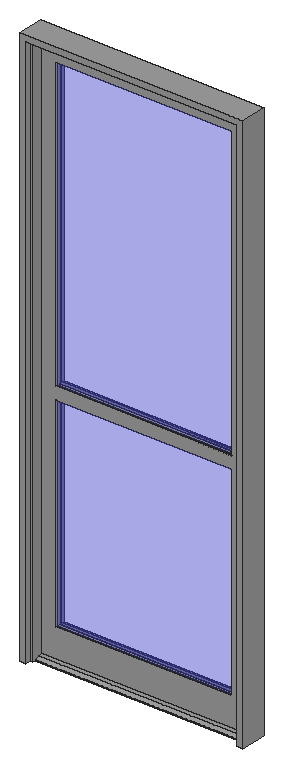
Revit family "NS-212 DOOR-1-PD-CW_v05", category Curtain Panels, Revit 2015
Parameters
  Width [instance] = 3' - 2"
  URL = "obe.com"
  Rough Width [instance] = 3' - 0"
  Panel Width [instance] = [Min-Max Panel Width]  # 3' - 0"
  Panel Offset [instance] = 0' - 0"
  Offset [instance] = 0' - 1"
  Model = "NS-212 DOOR"
  Min-Max Rough Width [instance] = if(and((Rough Width > 3' 1 255/256"), (Rough Width < 3' 8 1/256")), Rough Width, 3' 2")  # 3' - 2"
  Min-Max Panel Width [instance] = if(and((Rough Width > 3' 1 255/256"), (Rough Width < 3' 8 1/256")), Rough Width - 0' 2", 3' 0")  # 3' - 0"
  Manufacturer = "Oldcastle BuildingEnvelope®"
  Keynote = "08 11 00"
  Height [instance] = 8' - 0"
  Pushbar Height [instance] = 3' - 5 1/4"  # constant formula
  Glass Material = Glass
  Frame Material = Aluminum
  Door Panel Height [instance] = Height - 0' 0 15/32"  # 7' - 11 17/32"
  Description = "NS-212 - 1\" Door Infill"
  Assembly Code = "B2030"
  Analytic Construction = "<None>"
  8 Muntin [instance] = no
  6.5 Muntin [instance] = no
  6.5 Bottom Rail [instance] = not([4 Bottom Rail])  # no
  4 Muntin [instance] = no
  4 Bottom Rail [instance] = yes
  1.875 Muntin [instance] = no
  0.5 Muntin [instance] = if(or([1.875 Muntin], [4 Muntin], [6.5 Muntin], [8 Muntin]), 1 = 2, 1 = 1)  # yes
Reference planes (in)
  plane 1 "Front": y = 0
  plane 2: z = 0
  plane 3 "Center (Left/Right)": x = 0
  plane 4 "Left": x = -19
  plane 5 "Right": x = 19
  plane 6 "Top": z = 96
  plane 7 "Offset": y = -1
  plane 8: y = -2.28244
  plane 9: y = -2.28244
  plane 10: x = -19
  plane 11: x = 19
Forms (in)
  Sweep 1, solid, material "Aluminum" <- "Frame Material"
    path origin (0, -1, 0) x (-1, 0, 0) y (0, 0, 1)
      loop
        line (19, 0) -> (19, 96)
    profile origin (-19, -1, 48) x (1, 0, 0) y (0, 1, 0)
      loop
        line (1, -1.97) -> (1, 0) -> (0, 0) -> (0, -4.5) -> (1, -4.5) -> (1, -3.595) -> (1.5, -3.595) -> (1.5, -1.97) -> (1, -1.97)
  Sweep 2, solid, material "Aluminum" <- "Frame Material"
    path origin (0, -1, 0) x (-1, 0, 0) y (0, 0, 1)
      loop
        line (-19, 0) -> (-19, 96)
    profile origin (19, -1, 48) x (1, 0, 0) y (0, 1, 0)
      loop
        line (-1, -1.97) -> (-1.5, -1.97) -> (-1.5, -3.595) -> (-1, -3.595) -> (-1, -4.5) -> (0, -4.5) -> (0, 0) -> (-1, 0) -> (-1, -1.97)
  Extrusion 3, solid, material "Aluminum" <- "Frame Material"
    sketch origin (-19, 0, 0) x (0, -1, 0) y (0, 0, 1)
      loop
        line (2.97, 94.5) -> (4.595, 94.5) -> (4.595, 95) -> (5.5, 95) -> (5.5, 96) -> (1, 96) -> (1, 95) -> (2.97, 95) -> (2.97, 94.5)
    from -38 to 0
Cuts and joins
  joined: Sweep 1, Sweep 2, Extrusion 3
Text (in)
  text "Exterior" at (-54.29358, 31.38743, 0), in view "Ref. Level"
  text "Exterior" at (480, 41.53993, 89.60405), in view "Right"
  text "Exterior" at (-240, 57.82419, 105.78864), in view "Left"
Dimensions and locks (in)
  equal spacing: plane 4 "Left", plane 3 "Center (Left/Right)", plane 5 "Right"
  "Width": plane 4 "Left" to plane 5 "Right"
  "Height": plane 6 "Top" to plane 2
  "Offset": plane 1 "Front" to plane 7 "Offset"
  locked: plane 7 "Offset" to plane 8 at 1.28244
  locked: plane 7 "Offset" to plane 9 at 1.28244
  locked: plane 7 "Offset" to nested 4 at 1.28244
  Extrusion 3 sketch curve to Extrusion 3 sketch curve to Extrusion 3 sketch curve = 0' - 0 1/2" locked, 0' - 0" locked
  nested 1 to Extrusion 3 sketch curve to Extrusion 3 sketch curve to Extrusion 3 sketch curve to Extrusion 3 sketch curve = 0' - 2 31/32" locked, 0' - 1.97" locked, 0' - 1 5/8" locked, 0' - 0.905" locked
  equal spacing: plane 10, plane 3 "Center (Left/Right)", plane 11
  "Min-Max Rough Width": plane 10 to plane 11
  aligned and locked: level to plane 2
  aligned and locked: plane 3 "Center (Left/Right)" to nested 1
  aligned and locked: nested 2 to plane 8
  aligned and locked: nested 3 to plane 9
  aligned and locked: plane 6 "Top" to Sweep 1 sketch curve
  aligned and locked: level to Sweep 1 sketch curve
  aligned and locked: plane 6 "Top" to Sweep 2 sketch curve
  aligned and locked: level to Sweep 2 sketch curve
  aligned and locked: plane 6 "Top" to nested 4
  aligned and locked: Extrusion 3 to plane 6 "Top"
  aligned and locked: Extrusion 3 sketch curve to plane 6 "Top"
  aligned and locked: nested 3 to plane 10
  aligned and locked: plane 11 to nested 2
  aligned and locked: Sweep 1 sketch curve to plane 10
  aligned and locked: plane 11 to Sweep 2 sketch curve
  aligned and locked: cut or joined group of Sweep 1, Sweep 2, Extrusion 3 to plane 11
  aligned and locked: cut or joined group of Sweep 1, Sweep 2, Extrusion 3 to plane 10
  aligned and locked: nested 1 to plane 7 "Offset"
Automatic sketch dimensions
  Sweep 1 sketch curve to profile plane = 0' - 0"
  Sweep 1 sketch curve to plane 7 "Offset" = 0' - 0"
  Sweep 1 sketch curve to profile plane = 0' - 1"  (x2)
  Sweep 1 sketch curve to Sweep 1 sketch curve = 0' - 0 1/2"
  Sweep 1 sketch curve to plane 7 "Offset" = 0' - 1.97"
  Sweep 1 sketch curve to Sweep 1 sketch curve = 0' - 1 5/8"
  Sweep 1 sketch curve to Sweep 1 sketch curve = 0' - 0.905"
  Sweep 2 sketch curve to plane 7 "Offset" = 0' - 0"
  Sweep 2 sketch curve to profile plane = 0' - 0"
  profile plane to Sweep 2 sketch curve = 0' - 1"  (x2)
  Sweep 2 sketch curve to Sweep 2 sketch curve = 0' - 0 1/2"
  Sweep 2 sketch curve to plane 7 "Offset" = 0' - 1.97"
  Sweep 2 sketch curve to Sweep 2 sketch curve = 0' - 1 5/8"
  Sweep 2 sketch curve to Sweep 2 sketch curve = 0' - 0.905"
  plane 6 "Top" to Extrusion 3 sketch curve = 0' - 1"
Nested families (in)
  nested 1: "NS-212 DOOR-1-PD-Panel_v04" at (0, -12.03125, 0), Frame Material <- "Frame Material", Glass Material <- "Glass Material", 0.5 Muntin <- "0.5 Muntin", 1.875 Muntin <- "1.875 Muntin", 4 Muntin <- "4 Muntin", 6.5 Muntin <- "6.5 Muntin", 8 Muntin <- "8 Muntin", 4 Bottom Rail <- "4 Bottom Rail", Height <- "Door Panel Height", Width <- "Min-Max Panel Width", type "NS-212 DOOR-1-PD-Panel_v04"
    with built-in parameter 1001301 3' - 0", Pushbar Height 3' - 5 1/4", Offset 0' - 2 31/32", built-in parameter 1001300 7' - 11 17/32", Glass at Muntin 0' - 1 7/16", Glass Material Glass, Frame Material Aluminum, Bottom Rail 0' - 5 5/32", 8 Muntin no, 6.5 Muntin no, 6.5 Bottom Rail no, 4 Muntin no, 4 Bottom Rail yes, 1.875 Muntin no, 0.5 Muntin yes
  nested 2: "2.5x6-RTCIG CW-H8533-DHD-OHD SC-DI" at (19, -2.28244, 0) x (0, -1, 0) z (0, 0, 1), type "2.5x6-RTCIG CW-H8533-DHD-OHD SC-DI"
  nested 3: "2.5x6-RTCIG CW-H8533-DHD-OHD SC-DI" at (-19, -2.28244, 0) x (0, -1, 0) z (0, 0, 1), type "2.5x6-RTCIG CW-H8533-DHD-OHD SC-DI"
  nested 4: "2.5x6-RTCIG CW-H8533-DHD-OHD SC-DI" at (-33, -2.28244, 96) x (0, -1, 0) z (-1, 0, 0), type "2.5x6-RTCIG CW-H8533-DHD-OHD SC-DI"
Definition of nested family "NS-212 DOOR-1-PD-Panel_v04"
  Parameters (values of type "NS-212 DOOR-1-PD-Panel_v04")
    Width [instance] = 3' - 6"
    Offset [instance] = 0' - 6"
    Height [instance] = 8' - 0"
    Glass at Muntin [instance] = if([8 Muntin], 0' 8 15/16", if([6.5 Muntin], 0' 7 7/16", if([4 Muntin], 0' 4 15/16", if([1.875 Muntin], 0' 2 13/16", 0' 1 7/16"))))  # 0' - 1 7/16"
    Pushbar Height [instance] = 3' - 5 1/4"  # constant formula
    Glass Material [instance] = none
    Frame Material [instance] = none
    Bottom Rail [instance] = if([4 Bottom Rail], 0' 5 5/32", 0' 7 21/32")  # 0' - 7 21/32"
    Analytic Construction = "<None>"
    8 Muntin [instance] = no
    6.5 Muntin [instance] = no
    4 Muntin [instance] = no
    4 Bottom Rail [instance] = no
    6.5 Bottom Rail [instance] = not([4 Bottom Rail])  # yes
    1.875 Muntin [instance] = no
    0.5 Muntin [instance] = if(or([1.875 Muntin], [4 Muntin], [6.5 Muntin], [8 Muntin]), 1 = 2, 1 = 1)  # yes
  Reference planes (in)
    plane 1 "00": y = 7
    plane 2: z = 0
    plane 3 "Center (Left/Right)": x = 0
    plane 4: z = 96
    plane 5: x = 21
    plane 6: x = -21
    plane 7 "Center (Front/Back)": y = 14
    plane 8: z = 48
    plane 9: z = 92.96875
    plane 10: z = 92.625
    plane 11: z = 7.65625
    plane 12: z = 40.53125
    plane 13: z = 41.96875
    plane 14: x = -18.34375
    plane 15: x = 18.34375
    plane 16: z = 41.25
    plane 17 "Offset": y = 8
    plane 18 "01": y = 7.875
  Forms (in)
    Sweep 1, solid, material <- "Frame Material"
      path origin (0, 7, 0) x (1, 0, 0) y (0, 0, 1)
        loop
          line (-20.8285, 96) -> (20.8285, 96)
      profile origin (0, 7, 96) x (0, 0, 1) y (0, -1, 0)
        loop
          line (-0.53125, -0.875) -> (-0.53125, 0.875) -> (-2.12093, 0.875) -> (-3.65625, 0.875) -> (-3.65625, 0.5) -> (-3.375, 0.5) -> (-3.375, -0.5) -> (-3.65625, -0.5) -> (-3.65625, -0.875) -> (-2.12093, -0.875) -> (-0.53125, -0.875)
    Sweep 2, solid, material <- "Frame Material"
      path origin (0, 7, 0) x (1, 0, 0) y (0, 0, 1)
        loop
          line (20.82813, 0) -> (-20.82812, 0)
      profile origin (0, 7, 0) x (0, 0, -1) y (0, -1, 0)
        loop
          line (-7.9375, -0.5) -> (-7.9375, -0.875) -> (-0.6875, -0.875) -> (-0.6875, 0.875) -> (-7.9375, 0.875) -> (-7.9375, 0.5) -> (-7.65625, 0.5) -> (-7.65625, -0.5) -> (-7.9375, -0.5)
        loop
          line (-0.5, 1.5305) -> (-0.5, -1.1555) -> (-0.19364, -1.8125) -> (-0.00001, -1.8125) -> (-0.00001, 2.1875) -> (-0.19364, 2.1875) -> (-0.5, 1.5305)
    Sweep 3, solid, material <- "Frame Material"
      path origin (0, 7, 0) x (1, 0, 0) y (0, 0, 1)
        loop
          line (21, 95.46875) -> (21, 0.6875)
      profile origin (21, 7, 48.07812) x (0, -1, 0) y (1, 0, 0)
        loop
          line (0.875, -0.1715) -> (-0.875, -0.0625) -> (-0.875, -2.03839) -> (-0.875, -2.9375) -> (-0.5, -2.9375) -> (-0.5, -2.65625) -> (0.5, -2.65625) -> (0.5, -2.9375) -> (0.875, -2.9375) -> (0.875, -2.03839) -> (0.875, -0.1715)
    Sweep 4, solid, material <- "Frame Material"
      path origin (0, 7, 0) x (1, 0, 0) y (0, 0, 1)
        loop
          line (-21, 95.46875) -> (-21, 0.6875)
      profile origin (-21, 7, 48.07812) x (0, -1, 0) y (1, 0, 0)
        loop
          line (-0.875, 0.0625) -> (0.875, 0.1715) -> (0.875, 1.95385) -> (0.875, 2.9375) -> (0.5, 2.9375) -> (0.5, 2.65625) -> (-0.5, 2.65625) -> (-0.5, 2.9375) -> (-0.875, 2.9375) -> (-0.875, 1.95385) -> (-0.875, 0.0625)
    Sweep 5, solid, material <- "Frame Material"
      path origin (0, 7, 0) x (1, 0, 0) y (0, 0, 1)
        loop
          line (20.8285, 48) -> (-20.8285, 48)
      profile origin (0, 7, 48) x (0, 0, -1) y (0, -1, 0)
        loop
          line (7.75, 0.875) -> (5.75, 0.875) -> (5.75, 0.5) -> (6.03125, 0.5) -> (6.03125, -0.5) -> (5.75, -0.5) -> (5.75, -0.875) -> (7.75, -0.875) -> (7.75, -0.5) -> (7.46875, -0.5) -> (7.46875, 0.5) -> (7.75, 0.5) -> (7.75, 0.875)
    Extrusion 6, solid, material <- "Glass Material", detail levels coarse
      sketch origin (0, 0, 0) x (1, 0, 0) y (0, 1, 0)
        loop
          line (-18.34375, 7.5) -> (-18.34375, 6.5) -> (18.34375, 6.5) -> (18.34375, 7.5) -> (-18.34375, 7.5)
      from 41.96875 to 92.625
    Extrusion 7, solid, material <- "Glass Material", detail levels coarse
      sketch origin (0, 0, 0) x (1, 0, 0) y (0, 1, 0)
        loop
          line (-18.34375, 7.5) -> (-18.34375, 6.5) -> (18.34375, 6.5) -> (18.34375, 7.5) -> (-18.34375, 7.5)
      from 7.65625 to 40.53125
    Extrusion 8, solid, material <- "Glass Material", detail levels medium+fine
      sketch origin (0, 2.8125, 0) x (1, 0, 0) y (0, 1, 0)
        loop
          line (-18.34375, 3.6875) -> (18.34375, 3.6875) -> (18.34375, 3.9375) -> (-18.34375, 3.9375) -> (-18.34375, 3.6875)
        loop
          line (-18.34375, 4.6875) -> (-18.34375, 4.4375) -> (18.34375, 4.4375) -> (18.34375, 4.6875) -> (-18.34375, 4.6875)
      from 41.96875 to 92.625
    Extrusion 9, solid, material <- "Glass Material", detail levels medium+fine
      sketch origin (0, 0, 0) x (1, 0, 0) y (0, 1, 0)
        loop
          line (-18.34375, 6.5) -> (18.34375, 6.5) -> (18.34375, 6.75) -> (-18.34375, 6.75) -> (-18.34375, 6.5)
        loop
          line (-18.34375, 7.25) -> (18.34375, 7.25) -> (18.34375, 7.5) -> (-18.34375, 7.5) -> (-18.34375, 7.25)
      from 7.65625 to 40.53125
  Cuts and joins
    joined: Sweep 1, Sweep 2, Sweep 3, Sweep 4, Sweep 5
  Lines and regions (in)
    model lines
      curve 1: line (18.34375, 7.875, 92.625) -> (-18.34375, 7.875, 48)
      curve 2: line (-18.34375, 7.875, 48) -> (18.0625, 7.875, 7.9375)
  Dimensions and locks (in)
    "Width": plane 6 to plane 5
    equal spacing: level, plane 8, plane 4
    locked: Sweep 2 sketch curve to plane 6 at 0.17187
    locked: plane 5 to Sweep 2 sketch curve at 0.17188
    locked: Sweep 3 sketch curve to plane 4 at 0.53125
    locked: Sweep 4 sketch curve to plane 4 at 0.53125
    locked: Sweep 1 sketch curve to plane 6 at 0.1715
    locked: plane 5 to Sweep 1 sketch curve at 0.1715
    locked: plane 5 to Sweep 5 sketch curve at 0.1715
    locked: Sweep 5 sketch curve to plane 6 at 0.1715
    locked: plane 4 to plane 9 at 3.03125
    Extrusion 6 sketch curve to plane 1 "00" to Extrusion 6 sketch curve = 0' - 0 1/2" locked, 0' - 0 1/2" locked
    Extrusion 7 sketch curve to plane 1 "00" to Extrusion 7 sketch curve = 0' - 0 1/2" locked, 0' - 0 1/2" locked
    "Glass at Muntin": plane 12 to plane 13
    locked: plane 10 to plane 4 at 3.375
    "Bottom Rail": plane 11 to plane 2
    "Height": plane 4 to plane 2
    locked: Sweep 1 sketch curve to plane 10 at 0.28125  (x2)
    locked: plane 13 to Sweep 5 sketch curve at 0.28125  (x2)
    locked: Sweep 5 sketch curve to plane 12 at 0.28125  (x2)
    locked: plane 11 to Sweep 2 sketch curve at 0.28125  (x2)
    equal spacing: plane 6, plane 3 "Center (Left/Right)", plane 5
    locked: plane 6 to plane 14 at 2.65625
    locked: plane 15 to plane 5 at 2.65625
    Extrusion 8 sketch curve to Extrusion 8 sketch curve to plane 1 "00" to Extrusion 8 sketch curve to Extrusion 8 sketch curve = 0' - 0 1/4" locked, 0' - 0 1/4" locked, 0' - 0 1/4" locked, 0' - 0 1/4" locked
    equal spacing: plane 12, plane 16, plane 13
    "Pushbar Height": plane 2 to plane 16
    locked: Sweep 4 sketch curve to plane 2 at 0.6875
    locked: Sweep 3 sketch curve to plane 2 at 0.6875
    locked: cut or joined group of Sweep 1, Sweep 2, Sweep 3, Sweep 4, Sweep 5 to plane 1 "00" at 2.1875
    cut or joined group of Sweep 1, Sweep 2, Sweep 3, Sweep 4, Sweep 5 to plane 1 "00" to cut or joined group of Sweep 1, Sweep 2, Sweep 3, Sweep 4, Sweep 5 = 0' - 0 7/8" locked, 0' - 0 7/8" locked
    locked: plane 1 "00" to nested 2 at 0.0625
    plane 7 "Center (Front/Back)" to nested 1 = 0' - 7"
    "Offset": plane 17 "Offset" to plane 7 "Center (Front/Back)"
    locked: plane 1 "00" to plane 17 "Offset" at 1
    Extrusion 7 to plane 1 "00" to Extrusion 7 = 0' - 0 1/2" locked, 0' - 0 1/2" locked
    Extrusion 6 to plane 1 "00" to Extrusion 6 = 0' - 0 1/2" locked, 0' - 0 1/2" locked
    Extrusion 9 to Extrusion 9 = 0' - 0 1/4"
    Extrusion 9 sketch curve to Extrusion 9 sketch curve to plane 1 "00" to Extrusion 9 sketch curve to Extrusion 9 sketch curve = 0' - 0 1/4" locked, 0' - 0 1/4" locked, 0' - 0 1/4" locked, 0' - 0 1/4" locked
    locked: plane 1 "00" to plane 18 "01" at 0.875
    aligned and locked: plane 2 to level
    aligned and locked: Sweep 1 sketch curve to plane 4
    aligned and locked: level to nested 1
    aligned and locked: nested 1 to plane 1 "00"
    aligned and locked: plane 5 to Sweep 3 sketch curve
    aligned and locked: plane 6 to Sweep 4 sketch curve
    aligned and locked: Sweep 5 sketch curve to plane 8
    aligned and locked: Extrusion 6 to plane 10
    aligned and locked: plane 13 to Extrusion 6
    aligned and locked: Extrusion 7 to plane 12
    aligned and locked: plane 11 to Extrusion 7
    aligned and locked: plane 11 to Sweep 2 sketch curve
    aligned and locked: Sweep 5 sketch curve to plane 12
    aligned and locked: plane 13 to Sweep 5 sketch curve
    aligned and locked: plane 8 to curve 1
    aligned and locked: plane 15 to Extrusion 7
    aligned and locked: Extrusion 6 to plane 14
    aligned and locked: plane 15 to Extrusion 6
    aligned and locked: nested 2 to plane 3 "Center (Left/Right)"
    aligned and locked: Extrusion 7 to plane 14
    aligned and locked: Extrusion 8 to plane 14  (x2)
    aligned and locked: plane 15 to Extrusion 8  (x2)
    aligned and locked: plane 13 to Extrusion 8
    aligned and locked: Extrusion 8 to plane 10
    aligned and locked: Sweep 2 sketch curve to plane 2
    aligned and locked: Extrusion 8 to cut or joined group of Sweep 1, Sweep 2, Sweep 3, Sweep 4, Sweep 5
    aligned and locked: Extrusion 6 to curve 1
    aligned and locked: curve 1 to Extrusion 6
    aligned and locked: plane 14 to Extrusion 9 sketch curve  (x2)
    aligned and locked: Extrusion 9 sketch curve to plane 15  (x2)
    aligned and locked: Extrusion 9 to plane 12
    aligned and locked: plane 11 to Extrusion 9
  Automatic sketch dimensions
    Sweep 1 sketch curve to Sweep 1 sketch curve = 0' - 0 9/32"
    Sweep 1 sketch curve to Sweep 1 sketch curve = 0' - 1.25407"  (x2)
    profile plane to Sweep 1 sketch curve = 0' - 0 17/32"
    Sweep 1 sketch curve to plane 1 "00" = 0' - 0 7/8"
    Sweep 1 sketch curve to Sweep 1 sketch curve = 0' - 0 3/8"  (x2)
    plane 1 "00" to Sweep 1 sketch curve = 0' - 0 1/2"
    profile plane to Sweep 2 sketch curve = 0' - 0 11/16"
    profile plane to Sweep 2 sketch curve = 0' - 0 1/2"
    profile plane to Sweep 2 sketch curve = 0' - 0.19364"  (x2)
    profile plane to Sweep 2 sketch curve = 0' - 0"
    Sweep 2 sketch curve to plane 1 "00" = 0' - 1 13/16"
    Sweep 2 sketch curve to Sweep 2 sketch curve = 0' - 0.657"  (x2)
    Sweep 2 sketch curve to Sweep 2 sketch curve = 0' - 0.2805"
    Sweep 2 sketch curve to Sweep 2 sketch curve = 0' - 0 3/8"  (x2)
    plane 1 "00" to Sweep 2 sketch curve = 0' - 0 1/2"
    Sweep 2 sketch curve to Sweep 2 sketch curve = 0' - 0.6555"
    Sweep 3 sketch curve to plane 1 "00" = 0' - 0 7/8"
    Sweep 3 sketch curve to Sweep 3 sketch curve = 0' - 0 3/8"  (x2)
    plane 1 "00" to Sweep 3 sketch curve = 0' - 0 1/2"
    profile plane to Sweep 3 sketch curve = 0' - 2 15/16"
    Sweep 3 sketch curve to Sweep 3 sketch curve = 0' - 0"
    Sweep 3 sketch curve to Sweep 3 sketch curve = 0' - 0 9/32"
    Sweep 3 sketch curve to Sweep 3 sketch curve = 0' - 0.61786"  (x2)
    profile plane to Sweep 3 sketch curve = 0' - 0.1715"
    profile plane to Sweep 3 sketch curve = 0' - 0 1/16"
    Sweep 4 sketch curve to plane 1 "00" = 0' - 0 7/8"
    Sweep 4 sketch curve to Sweep 4 sketch curve = 0' - 0 3/8"  (x2)
    plane 1 "00" to Sweep 4 sketch curve = 0' - 0 1/2"
    Sweep 4 sketch curve to profile plane = 0' - 0 1/16"
    Sweep 4 sketch curve to profile plane = 0' - 0.1715"
    Sweep 4 sketch curve to Sweep 4 sketch curve = 0' - 1.89135"
    Sweep 4 sketch curve to Sweep 4 sketch curve = 0' - 0"
    Sweep 4 sketch curve to Sweep 4 sketch curve = 0' - 0.7024"
    Sweep 4 sketch curve to Sweep 4 sketch curve = 0' - 0 9/32"  (x2)
    Sweep 5 sketch curve to plane 1 "00" = 0' - 0 7/8"
    Sweep 5 sketch curve to Sweep 5 sketch curve = 0' - 0 3/8"  (x3)
    plane 1 "00" to Sweep 5 sketch curve = 0' - 0 1/2"  (x2)
    Extrusion 6 sketch curve to plane 14 = 0' - 0"
    Extrusion 6 sketch curve to plane 15 = 0' - 0"
    Extrusion 7 sketch curve to plane 14 = 0' - 0"
    Extrusion 7 sketch curve to plane 15 = 0' - 0"
    Extrusion 8 sketch curve to plane 14 = 0' - 0"  (x2)
    Extrusion 8 sketch curve to plane 15 = 0' - 0"  (x2)
    curve 1 to plane 14 = 0' - 0"
    curve 1 to plane 10 = 0' - 0"
    curve 1 to plane 15 = 0' - 0"
    curve 2 to plane 15 = 0' - 0 9/32"
    curve 2 to plane 11 = 0' - 0 9/32"
  Nested families (in)
    nested 1: "NS-212 PIVOT DOOR-1-Section_v02" at (0, 7, 0) x (0, -1, 0) z (1, 0, 0), Height <- "Height", 0.5 Muntin <- "0.5 Muntin", 1.875 Muntin <- "1.875 Muntin", 4 Muntin <- "4 Muntin", 6.5 Muntin <- "6.5 Muntin", 8 Muntin <- "8 Muntin", 4 Bottom Rail <- "4 Bottom Rail", type "NS-212 PIVOT DOOR-1-Section_v02"
      with Pushbar Height 3' - 5 1/4", Height 8' - 0", Glass at Muntins 0' - 1 7/16", Bottom Rail 0' - 7 21/32", 8 Muntin no, 6.5 Muntin no, 6.5 Bottom Rail yes, 4 Muntin no, 4 Bottom Rail no, 1.875 Muntin no, 0.5 Muntin yes
    nested 2: "NS-212 PIVOT DOOR-1-Plan View_v02" at (0, 7.0625, 0) x (-1, 0, 0) z (0, 0, 1), Width <- "Width", type "NS-212 PIVOT DOOR-1-Plan View_v02"
      with Width 3' - 6"
  Definition of nested family "NS-212 PIVOT DOOR-1-Section_v02"
    Parameters (values of type "NS-212 PIVOT DOOR-1-Section_v02")
      Height [instance] = 8' - 0"
      Pushbar Height [instance] = 3' - 5 1/4"  # constant formula
      Glass at Muntins [instance] = if([8 Muntin], 0' 8 15/16", if([6.5 Muntin], 0' 7 7/16", if([4 Muntin], 0' 4 15/16", if([1.875 Muntin], 0' 2 13/16", 0' 1 7/16"))))  # 0' - 1 7/16"
      Bottom Rail [instance] = if([6.5 Bottom Rail], 0' 7 21/32", 0' 5 5/32")  # 0' - 7 21/32"
      8 Muntin [instance] = no
      6.5 Muntin [instance] = no
      6.5 Bottom Rail [instance] = not([4 Bottom Rail])  # yes
      4 Muntin [instance] = no
      4 Bottom Rail [instance] = no
      1.875 Muntin [instance] = no
      0.5 Muntin [instance] = if(or([1.875 Muntin], [4 Muntin], [6.5 Muntin], [8 Muntin]), 1 = 2, 1 = 1)  # yes
    Reference planes (in)
      plane 1 "Center (Front/Back)": y = 0
      plane 2: z = 0
      plane 3 "Center (Left/Right)": x = 0
      plane 4: y = 7.65625
      plane 5: y = 92.625
      plane 6: y = 96
      plane 7: y = 41.96875
      plane 8: y = 40.53125
      plane 9: y = 42.25
      plane 10: y = 41.25
      plane 11: y = 46
      plane 12: y = 45.25
      plane 13: y = 44
      plane 14: y = 42.9325
    Lines and regions (in)
      detail lines, in view "Ref. Level"
        curve 1: line (-0.5, 92.625, 0) -> (-0.5, 41.96875, 0)
        curve 5: line (0.5, 92.625, 0) -> (0.5, 41.96875, 0)
        curve 6: line (0.5, 40.53125, 0) -> (0.5, 7.65625, 0)
        curve 10: line (-0.5, 40.53125, 0) -> (-0.5, 7.65625, 0)
      detail lines, in view "Ref. Level", detail levels fine
        curve 2: line (-0.438, 92.625, 0) -> (-0.438, 41.96875, 0)
        curve 3: line (-0.376, 92.625, 0) -> (-0.376, 41.96875, 0)
        curve 4: line (-0.314, 92.625, 0) -> (-0.314, 41.96875, 0)
        curve 7: line (-0.314, 40.53125, 0) -> (-0.314, 7.65625, 0)
        curve 8: line (-0.376, 40.53125, 0) -> (-0.376, 7.65625, 0)
        curve 9: line (-0.438, 40.53125, 0) -> (-0.438, 7.65625, 0)
        curve 11: line (0.438, 40.53125, 0) -> (0.438, 7.65625, 0)
        curve 12: line (0.376, 40.53125, 0) -> (0.376, 7.65625, 0)
        curve 13: line (0.314, 40.53125, 0) -> (0.314, 7.65625, 0)
        curve 14: line (0.314, 92.625, 0) -> (0.314, 41.96875, 0)
        curve 15: line (0.376, 92.625, 0) -> (0.376, 41.96875, 0)
        curve 16: line (0.438, 92.625, 0) -> (0.438, 41.96875, 0)
      detail lines, in view "Ref. Level", detail levels medium+fine
        curve 17: line (-0.252, 41.96875, 0) -> (-0.252, 92.625, 0)
        curve 18: line (0.252, 41.96875, 0) -> (0.252, 92.625, 0)
        curve 19: line (-0.252, 40.53125, 0) -> (-0.252, 7.65625, 0)
        curve 20: line (0.252, 40.53125, 0) -> (0.252, 7.65625, 0)
    Dimensions and locks (in)
      "Height": plane 6 to plane 1 "Center (Front/Back)"
      "Glass at Muntins": plane 8 to plane 7
      "Bottom Rail": plane 1 "Center (Front/Back)" to plane 4
      nested 1 to plane 6 to plane 5 = 0' - 2 31/32" locked, 0' - 3 3/8" locked
      equal spacing: plane 8, plane 10, plane 7
      "Pushbar Height": plane 1 "Center (Front/Back)" to plane 10
      plane 10 to plane 9 to plane 14 to plane 13 to plane 12 to plane 11 = 0' - 1" locked, 0' - 0.6825" locked, 0' - 1.0675" locked, 0' - 1 1/4" locked, 0' - 0 3/4" locked
      aligned and locked: plane 3 "Center (Left/Right)" to nested 1
      aligned and locked: plane 3 "Center (Left/Right)" to nested 2
      aligned and locked: plane 7 to curve 1
      aligned and locked: plane 7 to curve 2
      aligned and locked: plane 7 to curve 3
      aligned and locked: plane 7 to curve 4
      aligned and locked: plane 7 to curve 5
      aligned and locked: plane 8 to curve 6
      aligned and locked: plane 8 to curve 7
      aligned and locked: plane 8 to curve 8
      aligned and locked: plane 8 to curve 9
      aligned and locked: plane 8 to curve 10
      aligned and locked: plane 3 "Center (Left/Right)" to nested 3
      aligned and locked: plane 3 "Center (Left/Right)" to nested 4
      aligned and locked: plane 3 "Center (Left/Right)" to nested 5
      aligned and locked: plane 3 "Center (Left/Right)" to nested 6
      aligned and locked: plane 3 "Center (Left/Right)" to nested 8
      aligned and locked: plane 5 to curve 16
      aligned and locked: plane 7 to curve 17
      aligned and locked: plane 7 to curve 18
      aligned and locked: plane 7 to curve 14
      aligned and locked: plane 7 to curve 15
      aligned and locked: plane 7 to curve 16
      aligned and locked: plane 8 to curve 13
      aligned and locked: plane 8 to curve 12
      aligned and locked: plane 8 to curve 11
      aligned and locked: plane 8 to curve 20
      aligned and locked: plane 8 to curve 19
      aligned and locked: plane 3 "Center (Left/Right)" to nested 7
      aligned and locked: plane 4 to curve 10
      aligned and locked: plane 4 to curve 9
      aligned and locked: plane 4 to curve 8
      aligned and locked: plane 4 to curve 7
      aligned and locked: plane 4 to curve 20
      aligned and locked: plane 4 to curve 13
      aligned and locked: plane 4 to curve 12
      aligned and locked: plane 4 to curve 11
      aligned and locked: plane 4 to curve 6
      aligned and locked: plane 5 to curve 5
      aligned and locked: plane 5 to curve 14
      aligned and locked: plane 5 to curve 15
      aligned and locked: plane 5 to curve 18
      aligned and locked: plane 5 to curve 17
      aligned and locked: plane 5 to curve 4
      aligned and locked: plane 5 to curve 3
      aligned and locked: plane 5 to curve 1
      aligned and locked: plane 5 to curve 2
      aligned and locked: plane 1 "Center (Front/Back)" to nested 7
      aligned and locked: plane 1 "Center (Front/Back)" to nested 8
      aligned and locked: plane 9 to nested 2
      aligned and locked: plane 11 to nested 6
      aligned and locked: plane 12 to nested 5
      aligned and locked: plane 13 to nested 4
      aligned and locked: plane 14 to nested 3
    Automatic sketch dimensions
      curve 19 to plane 4 = 0' - 0"
      curve 16 to plane 5 = 0' - 0"
      curve 1 to plane 3 "Center (Left/Right)" = 0' - 0 1/2"
      curve 10 to plane 3 "Center (Left/Right)" = 0' - 0 1/2"
      curve 1 to curve 2 = 0' - 0.062"
      curve 10 to curve 9 = 0' - 0.062"
      curve 9 to curve 8 = 0' - 0.062"
      curve 2 to curve 3 = 0' - 0.062"
      curve 8 to curve 7 = 0' - 0.062"
      curve 3 to curve 4 = 0' - 0.062"
      curve 8 to curve 19 = 0' - 0.124"
      curve 4 to curve 17 = 0' - 0.062"
      plane 3 "Center (Left/Right)" to curve 18 = 0' - 0.252"
      plane 3 "Center (Left/Right)" to curve 20 = 0' - 0.252"
      curve 20 to curve 13 = 0' - 0.062"
      curve 18 to curve 14 = 0' - 0.062"
      curve 14 to curve 15 = 0' - 0.062"
      curve 13 to curve 12 = 0' - 0.062"
      curve 15 to curve 16 = 0' - 0.062"
      curve 12 to curve 11 = 0' - 0.062"
      curve 16 to curve 5 = 0' - 0.062"
      curve 11 to curve 6 = 0' - 0.062"
    Nested families (in)
      nested 1: "TOP RAIL-DI" at (0, 98.96875, 0), type "TOP RAIL-DI", in view "Ref. Level"
      nested 2: "0.5 MUNTIN-DI" at (0, 42.25, 0), visible <- "0.5 Muntin", type "0.5 MUNTIN-DI", in view "Ref. Level"
      nested 3: "1.875 MUNTIN-DI" at (0, 42.9325, 0), visible <- "1.875 Muntin", type "1.875 MUNTIN-DI", in view "Ref. Level"
      nested 4: "4 MUNTIN-DI" at (0, 44, 0), visible <- "4 Muntin", type "4 MUNTIN-DI", in view "Ref. Level"
      nested 5: "6.5 MUNTIN-DI" at (0, 45.25, 0), visible <- "6.5 Muntin", type "6.5 MUNTIN-DI", in view "Ref. Level"
      nested 6: "8 MUNTIN-DI" at (0, 46, 0), visible <- "8 Muntin", type "8 MUNTIN-DI", in view "Ref. Level"
      nested 7: "6.5 BOT RAIL-DI" at (0, 7.9375, 0), visible <- "6.5 Bottom Rail", type "10 BOT RAIL-DI", in view "Ref. Level"
      nested 8: "4 BOT RAIL-DI" at (0, 5.4375, 0), visible <- "4 Bottom Rail", type "8 BOT RAIL-DI", in view "Ref. Level"
    Definition of nested family "TOP RAIL-DI"
      Reference planes (in)
        plane 1 "Center (Front/Back)": y = 0
        plane 2: z = 0
        plane 3 "Center (Left/Right)": x = 0
      Lines and regions (in)
        detail lines, in view "Ref. Level"
          curve 1: line (0.875, -6.625, 0) -> (0.875, -3.625, 0)
          curve 2: line (0.875, -3.625, 0) -> (-0.875, -3.625, 0)
          curve 3: line (-0.875, -3.625, 0) -> (-0.875, -6.625, 0)
          curve 4: line (-0.875, -6.625, 0) -> (-0.5, -6.625, 0)
          curve 5: line (-0.5, -6.625, 0) -> (-0.5, -6.34375, 0)
          curve 6: line (-0.5, -6.34375, 0) -> (0.5, -6.34375, 0)
          curve 7: line (0.5, -6.34375, 0) -> (0.5, -6.625, 0)
          curve 8: line (0.5, -6.625, 0) -> (0.875, -6.625, 0)
    Definition of nested family "0.5 MUNTIN-DI"
      Reference planes (in)
        plane 1 "Center (Front/Back)": y = 0
        plane 2: z = 0
        plane 3 "Center (Left/Right)": x = 0
    Definition of nested family "1.875 MUNTIN-DI"
      Reference planes (in)
        plane 1 "Center (Front/Back)": y = 0
        plane 2: z = 0
        plane 3 "Center (Left/Right)": x = 0
      Lines and regions (in)
        detail lines, in view "Ref. Level"
          curve 1: line (-0.875, 0, 0) -> (-0.5, 0, 0)
          curve 2: line (-0.5, 0, 0) -> (-0.5, -0.28125, 0)
          curve 3: line (-0.5, -0.28125, 0) -> (0.5, -0.28125, 0)
          curve 4: line (0.5, -0.28125, 0) -> (0.5, 0, 0)
          curve 5: line (0.5, 0, 0) -> (0.875, 0, 0)
          curve 6: line (0.875, 0, 0) -> (0.875, -3.365, 0)
          curve 7: line (0.875, -3.365, 0) -> (0.5, -3.365, 0)
          curve 8: line (0.5, -3.365, 0) -> (0.5, -3.08375, 0)
          curve 9: line (0.5, -3.08375, 0) -> (-0.5, -3.08375, 0)
          curve 10: line (-0.5, -3.08375, 0) -> (-0.5, -3.365, 0)
          curve 11: line (-0.5, -3.365, 0) -> (-0.875, -3.365, 0)
          curve 12: line (-0.875, -3.365, 0) -> (-0.875, 0, 0)
    Definition of nested family "4 MUNTIN-DI"
      Reference planes (in)
        plane 1 "Center (Front/Back)": y = 0
        plane 2: z = 0
        plane 3 "Center (Left/Right)": x = 0
      Lines and regions (in)
        detail lines, in view "Ref. Level"
          curve 1: line (-0.875, 0, 0) -> (-0.875, -5.5, 0)
          curve 2: line (-0.875, -5.5, 0) -> (-0.5, -5.5, 0)
          curve 3: line (-0.5, -5.5, 0) -> (-0.5, -5.21875, 0)
          curve 4: line (-0.5, -5.21875, 0) -> (0.5, -5.21875, 0)
          curve 5: line (0.5, -5.21875, 0) -> (0.5, -5.5, 0)
          curve 6: line (0.5, -5.5, 0) -> (0.875, -5.5, 0)
          curve 7: line (0.875, -5.5, 0) -> (0.875, 0, 0)
          curve 8: line (0.875, 0, 0) -> (0.5, 0, 0)
          curve 9: line (0.5, 0, 0) -> (0.5, -0.28125, 0)
          curve 10: line (0.5, -0.28125, 0) -> (-0.5, -0.28125, 0)
          curve 11: line (-0.5, -0.28125, 0) -> (-0.5, 0, 0)
          curve 12: line (-0.5, 0, 0) -> (-0.875, 0, 0)
    Definition of nested family "6.5 MUNTIN-DI"
      Reference planes (in)
        plane 1 "Center (Front/Back)": y = 0
        plane 2: z = 0
        plane 3 "Center (Left/Right)": x = 0
      Lines and regions (in)
        detail lines, in view "Ref. Level"
          curve 1: line (-0.875, 0, 0) -> (-0.5, 0, 0)
          curve 2: line (-0.5, 0, 0) -> (-0.5, -0.28125, 0)
          curve 3: line (-0.5, -0.28125, 0) -> (0.5, -0.28125, 0)
          curve 4: line (0.5, -0.28125, 0) -> (0.5, 0, 0)
          curve 5: line (0.5, 0, 0) -> (0.875, 0, 0)
          curve 6: line (0.875, 0, 0) -> (0.875, -8, 0)
          curve 7: line (0.875, -8, 0) -> (0.5, -8, 0)
          curve 8: line (0.5, -8, 0) -> (0.5, -7.71875, 0)
          curve 9: line (0.5, -7.71875, 0) -> (-0.5, -7.71875, 0)
          curve 10: line (-0.5, -7.71875, 0) -> (-0.5, -8, 0)
          curve 11: line (-0.5, -8, 0) -> (-0.875, -8, 0)
          curve 12: line (-0.875, -8, 0) -> (-0.875, 0, 0)
    Definition of nested family "8 MUNTIN-DI"
      Reference planes (in)
        plane 1 "Center (Front/Back)": y = 0
        plane 2: z = 0
        plane 3 "Center (Left/Right)": x = 0
      Lines and regions (in)
        detail lines, in view "Ref. Level"
          curve 1: line (-0.875, 0, 0) -> (-0.5, 0, 0)
          curve 2: line (-0.5, 0, 0) -> (-0.5, -0.28125, 0)
          curve 3: line (-0.5, -0.28125, 0) -> (0.5, -0.28125, 0)
          curve 4: line (0.5, -0.28125, 0) -> (0.5, 0, 0)
          curve 5: line (0.5, 0, 0) -> (0.875, 0, 0)
          curve 6: line (0.875, 0, 0) -> (0.875, -9.5, 0)
          curve 7: line (0.875, -9.5, 0) -> (0.5, -9.5, 0)
          curve 8: line (0.5, -9.5, 0) -> (0.5, -9.21875, 0)
          curve 9: line (0.5, -9.21875, 0) -> (-0.5, -9.21875, 0)
          curve 10: line (-0.5, -9.21875, 0) -> (-0.5, -9.5, 0)
          curve 11: line (-0.5, -9.5, 0) -> (-0.875, -9.5, 0)
          curve 12: line (-0.875, -9.5, 0) -> (-0.875, 0, 0)
    Definition of nested family "6.5 BOT RAIL-DI"
      Reference planes (in)
        plane 1 "Center (Front/Back)": y = 0
        plane 2: z = 0
        plane 3 "Center (Left/Right)": x = 0
      Lines and regions (in)
        detail lines, in view "Ref. Level"
          curve 1: line (-0.875, -7.25, 0) -> (0.875, -7.25, 0)
          curve 2: line (0.875, -7.25, 0) -> (0.875, 0, 0)
          curve 3: line (0.875, 0, 0) -> (0.5, 0, 0)
          curve 4: line (0.5, 0, 0) -> (0.5, -0.28125, 0)
          curve 5: line (0.5, -0.28125, 0) -> (-0.5, -0.28125, 0)
          curve 6: line (-0.5, -0.28125, 0) -> (-0.5, 0, 0)
          curve 7: line (-0.5, 0, 0) -> (-0.875, 0, 0)
          curve 8: line (-0.875, 0, 0) -> (-0.875, -7.25, 0)
          curve 9: line (-1.1555, -7.4375, 0) -> (-1.8125, -7.74386, 0)
          curve 10: line (-1.8125, -7.74386, 0) -> (-1.8125, -7.93749, 0)
          curve 11: line (-1.8125, -7.93749, 0) -> (2.1875, -7.93749, 0)
          curve 12: line (2.1875, -7.93749, 0) -> (2.1875, -7.74386, 0)
          curve 13: line (2.1875, -7.74386, 0) -> (1.5305, -7.4375, 0)
          curve 14: line (1.5305, -7.4375, 0) -> (-1.1555, -7.4375, 0)
    Definition of nested family "4 BOT RAIL-DI"
      Reference planes (in)
        plane 1 "Center (Front/Back)": y = 0
        plane 2: z = 0
        plane 3 "Center (Left/Right)": x = 0
      Lines and regions (in)
        detail lines, in view "Ref. Level"
          curve 1: line (0.875, 0, 0) -> (0.5, 0, 0)
          curve 2: line (0.5, 0, 0) -> (0.5, -0.28125, 0)
          curve 3: line (0.5, -0.28125, 0) -> (-0.5, -0.28125, 0)
          curve 4: line (-0.5, -0.28125, 0) -> (-0.5, 0, 0)
          curve 5: line (-0.5, 0, 0) -> (-0.875, 0, 0)
          curve 6: line (-0.875, 0, 0) -> (-0.875, -4.75, 0)
          curve 7: line (1.5305, -4.9375, 0) -> (-1.1555, -4.9375, 0)
          curve 8: line (-1.1555, -4.9375, 0) -> (-1.8125, -5.24386, 0)
          curve 9: line (-1.8125, -5.24386, 0) -> (-1.8125, -5.43749, 0)
          curve 10: line (-1.8125, -5.43749, 0) -> (2.1875, -5.43749, 0)
          curve 11: line (2.1875, -5.43749, 0) -> (2.1875, -5.24386, 0)
          curve 12: line (2.1875, -5.24386, 0) -> (1.5305, -4.9375, 0)
          curve 13: line (0.875, -4.75, 0) -> (0.875, 0, 0)
          curve 14: line (0.875, -4.75, 0) -> (-0.875, -4.75, 0)
  Definition of nested family "NS-212 PIVOT DOOR-1-Plan View_v02"
    Parameters (values of type "NS-212 PIVOT DOOR-1-Plan View_v02")
      Width [instance] = 3' - 0"
    Reference planes (in)
      plane 1 "Center (Front/Back)": y = 0
      plane 2: z = 0
      plane 3 "Center (Left/Right)": x = 0
      plane 4: x = -18
      plane 5: x = 18
      plane 6: x = -16.75
      plane 7: y = 1.31641
      plane 8: y = -37.1875
      plane 9: x = -17.9375
      plane 10: y = -1.1875
    Lines and regions (in)
      detail lines, in view "Ref. Level", not visible
        curve 1: line (-15.03125, 0.5, 0) -> (15.34375, 0.5, 0)
        curve 2: line (-15.03125, -0.5, 0) -> (15.34375, -0.5, 0)
        curve 13: line (-15.03125, -0.252, 0) -> (15.34375, -0.252, 0)
        curve 14: line (-15.03125, 0.252, 0) -> (15.34375, 0.252, 0)
      detail lines, in view "Ref. Level"
        curve 3: line (-17.25, -34.46875, 0) -> (-17.25, -3.78125, 0)
        curve 7: line (-16.25, -34.46875, 0) -> (-16.25, -3.78125, 0)
        curve 15: arc (-17.625, -37.0625, 0) -> (7.65093, -26.33398, 0) -> (17.9375, -0.875, 0) r 35.87636
      detail lines, in view "Ref. Level", detail levels fine
        curve 4: line (-17.188, -34.46875, 0) -> (-17.188, -3.78125, 0)
        curve 5: line (-17.126, -34.46875, 0) -> (-17.126, -3.78125, 0)
        curve 6: line (-17.064, -34.46875, 0) -> (-17.064, -3.78125, 0)
        curve 8: line (-16.436, -34.46875, 0) -> (-16.436, -3.78125, 0)
        curve 9: line (-16.374, -34.46875, 0) -> (-16.374, -3.78125, 0)
        curve 10: line (-16.312, -34.46875, 0) -> (-16.312, -3.78125, 0)
      detail lines, in view "Ref. Level", detail levels medium+fine
        curve 11: line (-17.002, -34.46875, 0) -> (-17.002, -3.78125, 0)
        curve 12: line (-16.498, -34.46875, 0) -> (-16.498, -3.78125, 0)
    Dimensions and locks (in)
      "Width": plane 4 to plane 5
      equal spacing: plane 4, plane 3 "Center (Left/Right)", plane 5
      "Width": plane 8 to plane 10
      locked: plane 4 to plane 6 at 1.25
      locked: plane 1 "Center (Front/Back)" to plane 7 at 1.31641
      locked: plane 8 to nested 2 at 2.218
      locked: plane 5 to nested 1 at 2.2805
      locked: plane 7 to nested 4 at 0.16091
      locked: plane 10 to plane 1 "Center (Front/Back)" at 1.1875
      locked: plane 4 to plane 9 at 0.0625
      locked: nested 3 to plane 6 at 3.5305
      aligned and locked: nested 1 to plane 1 "Center (Front/Back)"
      aligned and locked: plane 1 "Center (Front/Back)" to nested 3
      aligned and locked: curve 15 to nested 1
      aligned and locked: plane 6 to nested 4
      aligned and locked: nested 2 to plane 6
    Automatic sketch dimensions
      curve 15 to plane 9 = 0' - 0"
      plane 10 to curve 15 = 0' - 0"
      plane 8 to curve 15 = 0' - 0 1/8"
      plane 6 to curve 3 = 0' - 0 1/2"
      curve 3 to curve 4 = 0' - 0.062"
      curve 4 to curve 5 = 0' - 0.062"
      plane 6 to curve 6 = 0' - 0.314"
      plane 6 to curve 11 = 0' - 0.252"
      curve 11 to curve 12 = 0' - 0.504"
      curve 12 to curve 8 = 0' - 0.062"
      curve 8 to curve 9 = 0' - 0.062"
      curve 9 to curve 10 = 0' - 0.062"
      curve 10 to curve 7 = 0' - 0.062"
      plane 1 "Center (Front/Back)" to curve 2 = 0' - 0 1/2"
      curve 2 to plane 6 = 0' - 1 23/32"
      curve 1 to curve 2 = 0' - 0"
      curve 13 to curve 2 = 0' - 0"  (x2)
      curve 14 to curve 1 = 0' - 0"
      curve 14 to plane 1 "Center (Front/Back)" = 0' - 0.252"
      curve 14 to plane 5 = 0' - 2 21/32"
      curve 2 to curve 14 = 0' - 0"
      curve 1 to curve 14 = 0' - 0"
      curve 15 to plane 5 = 0' - 0 1/16"
      plane 10 to curve 8 = 0' - 2 19/32"
      curve 8 to curve 10 = 0' - 0"  (x2)
      curve 6 to curve 8 = 0' - 0"
      curve 5 to curve 6 = 0' - 0"  (x2)
      curve 8 to curve 9 = 0' - 0"
      curve 6 to curve 11 = 0' - 0"  (x2)
      curve 12 to curve 8 = 0' - 0"  (x2)
      curve 3 to curve 5 = 0' - 0"
      curve 10 to curve 7 = 0' - 0"  (x2)
      curve 4 to curve 5 = 0' - 0"  (x2)
      curve 15 to curve 6 = 0' - 2 19/32"
      curve 6 to curve 10 = 0' - 0"
      curve 3 to curve 4 = 0' - 0"
      curve 9 to curve 8 = 0' - 0"
      curve 2 to curve 13 = 0' - 0.248"
      curve 14 to curve 1 = 0' - 0.248"
    Nested families (in)
      nested 1: "HINGE-PD-DI" at (20.2805, 0, 0) x (-1, 0, 0) z (0, 0, 1), type "HINGE-PD-DI", in view "Ref. Level", not visible
      nested 2: "HINGE-PD-DI" at (-16.75, -39.4055, 0) x (0, 1, 0) z (0, 0, 1), type "HINGE-PD-DI", in view "Ref. Level"
      nested 3: "HINGE-PD-DI" at (-20.2805, 0, 0), type "HINGE-PD-DI", in view "Ref. Level", not visible
      nested 4: "HINGE-PD-DI" at (-16.75, 1.1555, 0) x (0, -1, 0) z (0, 0, 1), type "HINGE-PD-DI", in view "Ref. Level"
    Definition of nested family "HINGE-PD-DI"
      Reference planes (in)
        plane 1 "Center (Front/Back)": y = 0
        plane 2: z = 0
        plane 3 "Center (Left/Right)": x = 0
      Lines and regions (in)
        detail lines, in view "Ref. Level"
          curve 1: line (2.343, -0.875, 0) -> (5.218, -0.875, 0)
          curve 2: line (5.218, -0.875, 0) -> (5.218, -0.5, 0)
          curve 3: line (5.218, -0.5, 0) -> (4.93675, -0.5, 0)
          curve 4: line (4.93675, -0.5, 0) -> (4.93675, 0.5, 0)
          curve 5: line (4.93675, 0.5, 0) -> (5.218, 0.5, 0)
          curve 6: line (5.218, 0.5, 0) -> (5.218, 0.875, 0)
          curve 7: line (5.218, 0.875, 0) -> (2.452, 0.875, 0)
          curve 8: line (2.452, 0.875, 0) -> (2.343, -0.875, 0)
Definition of nested family "2.5x6-RTCIG CW-H8533-DHD-OHD SC-DI"
  Reference planes (in)
    plane 1 "Center (Front/Back)": y = 0
    plane 2: z = 0
    plane 3 "Center (Left/Right)": x = 0
  Lines and regions (in)
    Filled region 1, type "2.5x6.75-RC CW-SSA-SG-H1416-DHD-OHD SC-FINE-1", in view "Ref. Level", detail levels fine
      outline origin (0, 2.5, 0) x (1, 0, 0) y (0, 1, 0)
        loop
          line (-1.03244, -2.5) -> (-1.28244, -2.5)
          arc (-1.28244, -2.5) -> (-1.26095, -2.625) -> (-1.28244, -2.75) r 0.37439
          line (-1.28244, -2.75) -> (-1.03244, -2.75) -> (-1.03244, -2.5)
    Filled region 2, type "2.5x6.75-RC CW-SSA-SG-H1416-DHD-OHD SC-FINE-1", in view "Ref. Level", detail levels fine
      outline origin (0, 2.5, 0) x (1, 0, 0) y (0, 1, 0)
        loop
          line (2.96756, -2.5) -> (2.96756, -2.75) -> (3.21756, -2.75)
          arc (3.21756, -2.75) -> (3.19608, -2.625) -> (3.21756, -2.5) r 0.37439
          line (3.21756, -2.5) -> (2.96756, -2.5)
    Filled region 3, type "2.5x6.75-RC CW-SSA-SG-H1416-DHD-OHD SC-FINE-1", in view "Ref. Level", not visible, detail levels fine
      outline origin (0, 2.5, 0) x (1, 0, 0) y (0, 1, 0)
        loop
          line (-1.03244, -2.5) -> (-1.28244, -2.5)
          arc (-1.28244, -2.5) -> (-1.26095, -2.625) -> (-1.28244, -2.75) r 0.37439
          line (-1.28244, -2.75) -> (-1.03244, -2.75) -> (-1.03244, -2.5)
    Filled region 4, type "2.5x6.75-RC CW-SSA-SG-H1416-DHD-OHD SC-FINE-1", in view "Ref. Level", not visible, detail levels fine
      outline origin (0, 2.5, 0) x (1, 0, 0) y (0, 1, 0)
        loop
          line (2.96756, -2.5) -> (2.96756, -2.75) -> (3.21756, -2.75)
          arc (3.21756, -2.75) -> (3.19608, -2.625) -> (3.21756, -2.5) r 0.37439
          line (3.21756, -2.5) -> (2.96756, -2.5)
    detail lines, in view "Ref. Level", detail levels fine
      curve 1: arc (1.65506, -0.328, 0) -> (1.67791, -0.38315, 0) -> (1.73306, -0.406, 0) r 0.078
      curve 2: arc (0.20206, -0.406, 0) -> (0.25722, -0.38315, 0) -> (0.28006, -0.328, 0) r 0.078
      curve 3: arc (0.68756, -1.173, 0) -> (0.71506, -1.2005, 0) -> (0.74256, -1.173, 0) r 0.0275
      curve 4: arc (0.74256, -1.408, 0) -> (0.71506, -1.3805, 0) -> (0.68756, -1.408, 0) r 0.0275
      curve 5: arc (2.00056, -1, 0) -> (1.96239, -1.07442, 0) -> (2.04511, -1.062, 0) r 0.047
      curve 6: arc (0.95295, -1.053, 0) -> (1.03486, -1.07804, 0) -> (0.99956, -1, 0) r 0.047
      curve 7: line (1.73306, -0.406, 0) -> (1.98306, -0.406, 0)
      curve 8: line (1.98306, -0.406, 0) -> (1.98306, -0.375, 0)
      curve 9: line (1.98306, -0.375, 0) -> (3.09256, -0.375, 0)
      curve 10: line (3.09256, -0.375, 0) -> (3.09256, -0.875, 0)
      curve 11: line (3.09256, -0.875, 0) -> (-1.15744, -0.875, 0)
      curve 12: line (-1.15744, -0.875, 0) -> (-1.15744, -0.375, 0)
      curve 13: line (-1.15744, -0.375, 0) -> (-0.04794, -0.375, 0)
      curve 14: line (-0.04794, -0.375, 0) -> (-0.04794, -0.406, 0)
      curve 15: line (-0.04794, -0.406, 0) -> (0.20206, -0.406, 0)
      curve 16: line (0.28006, -0.328, 0) -> (0.03006, -0.328, 0)
      curve 17: line (0.03006, -0.328, 0) -> (0.03006, -0.25, 0)
      curve 18: line (0.03006, -0.25, 0) -> (-1.28244, -0.25, 0)
      curve 19: line (-1.28244, -0.25, 0) -> (-1.28244, -1, 0)
      curve 20: line (-1.28244, -1, 0) -> (3.21756, -1, 0)
      curve 21: line (3.21756, -1, 0) -> (3.21756, -0.25, 0)
      curve 22: line (3.21756, -0.25, 0) -> (1.90506, -0.25, 0)
      curve 23: line (1.90506, -0.25, 0) -> (1.90506, -0.328, 0)
      curve 24: line (1.90506, -0.328, 0) -> (1.65506, -0.328, 0)
      curve 25: line (0.74256, -1.173, 0) -> (0.74256, -1.143, 0)
      curve 26: line (0.74256, -1.143, 0) -> (0.79756, -1.143, 0)
      curve 27: line (0.79756, -1.143, 0) -> (0.79756, -1.438, 0)
      curve 28: line (0.79756, -1.438, 0) -> (0.74256, -1.438, 0)
      curve 29: line (0.74256, -1.438, 0) -> (0.74256, -1.408, 0)
      curve 30: line (0.68756, -1.408, 0) -> (0.68756, -1.5, 0)
      curve 31: line (0.68756, -1.5, 0) -> (2.31256, -1.5, 0)
      curve 32: line (2.31256, -1.5, 0) -> (2.31256, -1, 0)
      curve 33: line (2.31256, -1, 0) -> (2.00056, -1, 0)
      curve 34: line (2.04511, -1.062, 0) -> (2.25056, -1.062, 0)
      curve 35: line (2.25056, -1.062, 0) -> (2.25056, -1.438, 0)
      curve 36: line (2.25056, -1.438, 0) -> (0.85956, -1.438, 0)
      curve 37: line (0.85956, -1.438, 0) -> (0.85956, -1.053, 0)
      curve 38: line (0.85956, -1.053, 0) -> (0.95295, -1.053, 0)
      curve 39: line (0.99956, -1, 0) -> (0.79756, -1, 0)
      curve 40: line (0.79756, -1, 0) -> (0.79756, -1.081, 0)
      curve 41: line (0.79756, -1.081, 0) -> (0.74256, -1.081, 0)
      curve 42: line (0.74256, -1.081, 0) -> (0.74256, -1, 0)
      curve 43: line (0.74256, -1, 0) -> (0.68756, -1, 0)
      curve 44: line (0.68756, -1, 0) -> (0.68756, -1.173, 0)
      curve 45: line (-1.28244, 0, 0) -> (-1.28244, -1, 0)
      curve 46: line (-1.28244, -1, 0) -> (0.68756, -1, 0)
      curve 47: line (0.68756, -1, 0) -> (0.68756, -1.5, 0)
      curve 48: line (0.68756, -1.5, 0) -> (2.31256, -1.5, 0)
      curve 49: line (2.31256, -1.5, 0) -> (2.31256, -1, 0)
      curve 50: line (2.31256, -1, 0) -> (3.21756, -1, 0)
      curve 51: line (3.21756, -1, 0) -> (3.21756, 0, 0)
      curve 52: line (3.21756, 0, 0) -> (-1.28244, 0, 0)
      curve 53: arc (-1.28244, -0.25, 0) -> (-1.26095, -0.125, 0) -> (-1.28244, 0, 0) r 0.37439
      curve 54: arc (3.21756, 0, 0) -> (3.19608, -0.125, 0) -> (3.21756, -0.25, 0) r 0.37439
      curve 55: arc (1.95497, -1.14175, 0) -> (1.95619, -1.1362, 0) -> (1.95482, -1.13068, 0) r 0.0125
      curve 56: arc (1.98284, -1.14139, 0) -> (1.98406, -1.13584, 0) -> (1.9827, -1.13032, 0) r 0.0125
      curve 57: arc (1.01743, -1.13032, 0) -> (1.01607, -1.13584, 0) -> (1.01729, -1.14139, 0) r 0.0125
      curve 58: arc (1.0453, -1.13068, 0) -> (1.04394, -1.1362, 0) -> (1.04516, -1.14175, 0) r 0.0125
      curve 59: arc (1.10681, -1.025, 0) -> (1.10028, -1.02684, 0) -> (1.09567, -1.03182, 0) r 0.0125
      curve 60: arc (1.90446, -1.03183, 0) -> (1.89985, -1.02684, 0) -> (1.89332, -1.025, 0) r 0.0125
      curve 61: line (-1.03244, -0.25, 0) -> (-1.03244, 0, 0)
      curve 62: line (-1.03244, 0, 0) -> (2.96756, 0, 0)
      curve 63: line (2.96756, 0, 0) -> (2.96756, -0.25, 0)
      curve 64: line (2.96756, -0.25, 0) -> (-1.03244, -0.25, 0)
      curve 65: line (-1.03244, -0.25, 0) -> (2.96756, 0, 0)
      curve 66: line (-1.03244, 0, 0) -> (2.96756, -0.25, 0)
      curve 67: line (1.95497, -1.14175, 0) -> (1.89789, -1.26122, 0)
      curve 68: line (1.89789, -1.26122, 0) -> (1.92045, -1.272, 0)
      curve 69: line (1.92045, -1.272, 0) -> (1.98284, -1.14139, 0)
      curve 70: line (1.9827, -1.13032, 0) -> (1.92904, -1.025, 0)
      curve 71: line (1.92904, -1.025, 0) -> (1.95506, -1.025, 0)
      curve 72: line (1.95506, -1.025, 0) -> (1.95506, -1, 0)
      curve 73: line (1.95506, -1, 0) -> (1.04506, -1, 0)
      curve 74: line (1.04506, -1, 0) -> (1.04506, -1.025, 0)
      curve 75: line (1.04506, -1.025, 0) -> (1.07109, -1.025, 0)
      curve 76: line (1.07109, -1.025, 0) -> (1.01743, -1.13032, 0)
      curve 77: line (1.01729, -1.14139, 0) -> (1.07968, -1.272, 0)
      curve 78: line (1.07968, -1.272, 0) -> (1.10224, -1.26122, 0)
      curve 79: line (1.10224, -1.26122, 0) -> (1.04516, -1.14175, 0)
      curve 80: line (1.0453, -1.13068, 0) -> (1.09567, -1.03182, 0)
      curve 81: line (1.10681, -1.025, 0) -> (1.89332, -1.025, 0)
      curve 82: line (1.90446, -1.03183, 0) -> (1.95482, -1.13068, 0)
      curve 83: line (0.54796, -1.18033, 0) -> (0.56296, -1.18633, 0)
      curve 84: line (0.56296, -1.18633, 0) -> (0.57696, -1.19533, 0)
      curve 85: line (0.57696, -1.19533, 0) -> (0.60296, -1.19933, 0)
      curve 86: line (0.60296, -1.19933, 0) -> (0.62096, -1.20333, 0)
      curve 87: line (0.62096, -1.20333, 0) -> (0.65696, -1.20433, 0)
      curve 88: line (0.65696, -1.20433, 0) -> (0.67296, -1.20633, 0)
      curve 89: line (0.67296, -1.20633, 0) -> (0.69296, -1.20833, 0)
      curve 90: line (0.69296, -1.20833, 0) -> (0.69696, -1.21433, 0)
      curve 91: line (0.69696, -1.21433, 0) -> (0.70996, -1.20833, 0)
      curve 92: line (0.70996, -1.20833, 0) -> (0.69696, -1.21433, 0)
      curve 93: line (0.55396, -1.35233, 0) -> (0.58296, -1.35233, 0)
      curve 94: line (0.58296, -1.35233, 0) -> (0.60796, -1.35233, 0)
      curve 95: line (0.60796, -1.35233, 0) -> (0.62496, -1.35433, 0)
      curve 96: line (0.62496, -1.35433, 0) -> (0.65696, -1.35433, 0)
      curve 97: line (0.65696, -1.35433, 0) -> (0.67696, -1.35533, 0)
      curve 98: line (0.67696, -1.35533, 0) -> (0.70396, -1.36133, 0)
      curve 99: line (0.70396, -1.36133, 0) -> (0.67496, -1.36433, 0)
      curve 100: line (0.67496, -1.36433, 0) -> (0.68996, -1.37033, 0)
      curve 101: line (0.68996, -1.37033, 0) -> (0.67296, -1.36633, 0)
      curve 102: line (0.67296, -1.36633, 0) -> (0.65096, -1.36833, 0)
      curve 103: line (0.65096, -1.36833, 0) -> (0.58796, -1.37733, 0)
      curve 104: line (0.58796, -1.37733, 0) -> (0.60596, -1.37733, 0)
      curve 105: line (0.60596, -1.37733, 0) -> (0.61696, -1.37533, 0)
      curve 106: line (0.61696, -1.37533, 0) -> (0.63196, -1.37433, 0)
      curve 107: line (0.63196, -1.37433, 0) -> (0.65896, -1.37233, 0)
      curve 108: line (0.65896, -1.37233, 0) -> (0.67896, -1.37033, 0)
      curve 109: line (0.67896, -1.37033, 0) -> (0.65296, -1.36633, 0)
      curve 110: line (0.65296, -1.36633, 0) -> (0.62296, -1.36633, 0)
      curve 111: line (0.62296, -1.36633, 0) -> (0.58996, -1.36433, 0)
      curve 112: line (0.58996, -1.36433, 0) -> (0.54796, -1.36933, 0)
      curve 113: line (0.57196, -1.38433, 0) -> (0.58996, -1.38133, 0)
      curve 114: line (0.58996, -1.38133, 0) -> (0.54796, -1.38833, 0)
      curve 115: line (0.54796, -1.38833, 0) -> (0.57196, -1.38433, 0)
      curve 116: line (0.54996, -1.24133, 0) -> (0.56796, -1.23933, 0)
      curve 117: line (0.56796, -1.23933, 0) -> (0.58096, -1.23733, 0)
      curve 118: line (0.58096, -1.23733, 0) -> (0.59396, -1.23533, 0)
      curve 119: line (0.59396, -1.23533, 0) -> (0.61496, -1.23533, 0)
      curve 120: line (0.61496, -1.23533, 0) -> (0.62796, -1.23533, 0)
      curve 121: line (0.62796, -1.23533, 0) -> (0.65696, -1.23733, 0)
      curve 122: line (0.65696, -1.23733, 0) -> (0.67096, -1.23733, 0)
      curve 123: line (0.67096, -1.23733, 0) -> (0.67896, -1.23933, 0)
      curve 124: line (0.67896, -1.23933, 0) -> (0.69696, -1.24133, 0)
      curve 125: line (0.69696, -1.24133, 0) -> (0.71096, -1.24433, 0)
      curve 126: line (0.71096, -1.24433, 0) -> (0.72796, -1.25233, 0)
      curve 127: line (0.72796, -1.25233, 0) -> (0.74196, -1.25233, 0)
      curve 128: line (0.74196, -1.25233, 0) -> (0.72596, -1.24433, 0)
      curve 129: line (0.72596, -1.24433, 0) -> (0.71096, -1.25033, 0)
      curve 130: line (0.71096, -1.25033, 0) -> (0.70196, -1.25033, 0)
      curve 131: line (0.70196, -1.25033, 0) -> (0.68596, -1.25033, 0)
      curve 132: line (0.68596, -1.25033, 0) -> (0.67096, -1.24633, 0)
      curve 133: line (0.67096, -1.24633, 0) -> (0.65496, -1.24633, 0)
      curve 134: line (0.65496, -1.24633, 0) -> (0.62296, -1.24633, 0)
      curve 135: line (0.62296, -1.24633, 0) -> (0.60596, -1.24633, 0)
      curve 136: line (0.60596, -1.24633, 0) -> (0.59396, -1.24633, 0)
      curve 137: line (0.59396, -1.24633, 0) -> (0.54796, -1.25433, 0)
      curve 138: line (0.54996, -1.20833, 0) -> (0.56096, -1.20833, 0)
      curve 139: line (0.56096, -1.20833, 0) -> (0.58096, -1.20833, 0)
      curve 140: line (0.58096, -1.20833, 0) -> (0.59196, -1.20633, 0)
      curve 141: line (0.59196, -1.20633, 0) -> (0.59896, -1.20633, 0)
      curve 142: line (0.59896, -1.20633, 0) -> (0.60596, -1.20833, 0)
      curve 143: line (0.60596, -1.20833, 0) -> (0.62296, -1.21433, 0)
      curve 144: line (0.62296, -1.21433, 0) -> (0.65496, -1.21233, 0)
      curve 145: line (0.65496, -1.21233, 0) -> (0.66196, -1.21033, 0)
      curve 146: line (0.66196, -1.21033, 0) -> (0.67096, -1.21233, 0)
      curve 147: line (0.67096, -1.21233, 0) -> (0.68096, -1.21233, 0)
      curve 148: line (0.68096, -1.21233, 0) -> (0.68996, -1.21233, 0)
      curve 149: line (0.74596, -1.21033, 0) -> (0.73496, -1.21033, 0)
      curve 150: line (0.73496, -1.21033, 0) -> (0.74196, -1.21033, 0)
      curve 151: line (0.74196, -1.21033, 0) -> (0.75296, -1.21033, 0)
      curve 152: line (0.75296, -1.21033, 0) -> (0.76396, -1.21033, 0)
      curve 153: line (0.76396, -1.21033, 0) -> (0.77496, -1.20633, 0)
      curve 154: line (0.77896, -1.20633, 0) -> (0.76796, -1.20633, 0)
      curve 155: line (0.76796, -1.20633, 0) -> (0.76096, -1.20633, 0)
      curve 156: line (0.76096, -1.20633, 0) -> (0.75296, -1.20833, 0)
      curve 157: line (0.75296, -1.20833, 0) -> (0.74596, -1.21033, 0)
      curve 158: line (0.78096, -1.27033, 0) -> (0.76996, -1.27233, 0)
      curve 159: line (0.76996, -1.27233, 0) -> (0.75496, -1.27433, 0)
      curve 160: line (0.75496, -1.27433, 0) -> (0.74396, -1.27433, 0)
      curve 161: line (0.74396, -1.27433, 0) -> (0.73496, -1.27433, 0)
      curve 162: line (0.73496, -1.27433, 0) -> (0.71496, -1.27433, 0)
      curve 163: line (0.71496, -1.27433, 0) -> (0.69696, -1.27433, 0)
      curve 164: line (0.69696, -1.27433, 0) -> (0.67496, -1.27033, 0)
      curve 165: line (0.67496, -1.27033, 0) -> (0.65696, -1.27033, 0)
      curve 166: line (0.65696, -1.27033, 0) -> (0.60996, -1.27033, 0)
      curve 167: line (0.60996, -1.27033, 0) -> (0.57396, -1.27033, 0)
      curve 168: line (0.57396, -1.27033, 0) -> (0.54796, -1.26833, 0)
      curve 169: line (0.54796, -1.26133, 0) -> (0.56796, -1.26133, 0)
      curve 170: line (0.56796, -1.26133, 0) -> (0.59696, -1.26133, 0)
      curve 171: line (0.59696, -1.26133, 0) -> (0.62496, -1.26133, 0)
      curve 172: line (0.62496, -1.26133, 0) -> (0.66796, -1.26333, 0)
      curve 173: line (0.66796, -1.26333, 0) -> (0.70096, -1.26433, 0)
      curve 174: line (0.70096, -1.26433, 0) -> (0.71896, -1.26333, 0)
